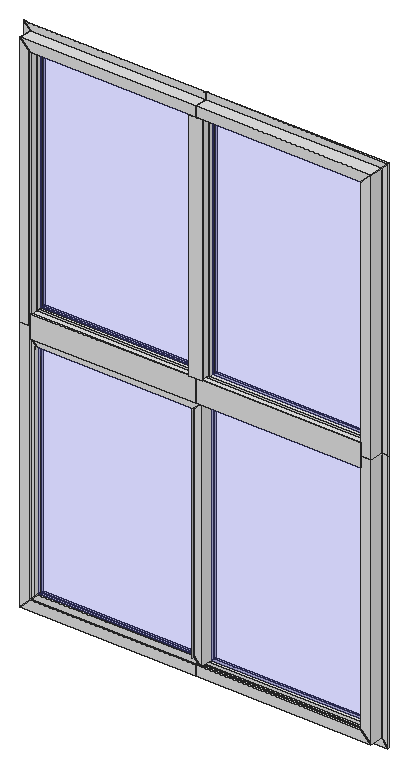
Revit family "531_OX-UT_stucco", category Windows, host Wall, Revit 2016
Family settings
  Host = Wall
  OmniClass Number = 23.30.20.00
  OmniClass Title = Windows
  Always vertical = Yes
  Cut with Voids When Loaded = No
  Shared = No
  Room Calculation Point = No
Parameters (values of type "66x96")
  VBS = 33"
  MLW3 = VBS - 3"  # 30"
  MLW2 = 1 / 8 * (Width - VBS)  # 4 1/8"
  MLW = 1 / 8 * VBS  # 4 1/8"
  Interior Color [instance] = White
  Height = 96"
  HBS = 1 / 2 * Height  # 48"
  Exterior Color [instance] = White
  Default Sill Height = 31.49606"
  Wall Closure = By host
  Width = 66"
Reference planes (in)
  plane 1 "Center (Front/Back)": y = 0
  plane 2 "Center (Left/Right)": x = 0
  plane 3 "Left": x = -33
  plane 4 "Right": x = 33
  plane 5 "Sill": z = 31.49606
  plane 6 "Head": z = 127.49606
  plane 7 "Exterior": y = 3.93701
  plane 8 "Interior": y = -3.93701
  plane 9 "Front of wall": y = 3.93701
  plane 10 "HBS": z = 79.49606
  plane 11 "VBS": x = 0
  plane 12: x = 30.4765
  plane 13: x = -0.5
  plane 14: x = -31.6
  plane 15: x = 31.60086
  plane 16: x = 0.7501
  plane 17: z = 77.88606
  plane 18: z = 81.10606
  plane 19: z = 126.09682
  plane 20: z = 32.89606
  plane 21: z = 76.76406
  plane 22: z = 34.06206
  plane 23 "Front of glass": y = 4.58851
  plane 24: x = 0.88558
Forms (in)
  Extrusion 1, solid, material "White" <- "Interior Color"
    sketch origin (0, 0, 79.49606) x (1, 0, 0) y (0, 1, 0)
      loop
        line (-33, 1.50201) -> (-31.1, 1.50201) -> (-31.1, 1.70201) -> (-31.4451, 1.70201) -> (-31.4451, 3.20201) -> (-31.1001, 3.20201) -> (-31.1001, 3.81451) -> (-31.6001, 3.81451) -> (-31.6001, 4.55851) -> (-31.13685, 4.55851) -> (-31.1621, 4.59801) -> (-31.1621, 4.96191) -> (-31.725, 4.96191) -> (-31.725, 5.00201) -> (-33.2, 5.00201) -> (-33.2, 4.93701) -> (-33, 4.93701) -> (-33, 4.00201) -> (-34.25, 4.00201) -> (-34.25, 3.93701) -> (-33, 3.93701) -> (-33, 1.50201)
    from 0 to 49.25
  Extrusion 2, solid, material "White" <- "Interior Color"
    sketch origin (0, 0, 79.49606) x (1, 0, 0) y (0, 1, 0)
      loop
        line (-1.2501, 1.50201) -> (1.2501, 1.50201) -> (1.2501, 1.70201) -> (0.9051, 1.70201) -> (0.9051, 3.20201) -> (1.2501, 3.20201) -> (1.2501, 3.81451) -> (0.7501, 3.81451) -> (0.7501, 4.55851) -> (1.21336, 4.55851) -> (1.1881, 4.59801) -> (1.1881, 4.96191) -> (0.6251, 4.96191) -> (0.6251, 5.00201) -> (-0.6251, 5.00201) -> (-0.6251, 4.96191) -> (-1.1881, 4.96191) -> (-1.1881, 4.59801) -> (-1.21336, 4.55851) -> (-0.7501, 4.55851) -> (-0.7501, 3.81451) -> (-1.2501, 3.81451) -> (-1.2501, 3.20201) -> (-0.9051, 3.20201) -> (-0.9051, 1.70201) -> (-1.2501, 1.70201) -> (-1.2501, 1.50201)
    from 0 to 48
  Extrusion 3, solid, material "White" <- "Interior Color"
    sketch origin (0, 0, 79.49606) x (1, 0, 0) y (0, 1, 0)
      loop
        line (33, 1.50201) -> (33, 3.93701) -> (34.25, 3.93701) -> (34.25, 4.00201) -> (33, 4.00201) -> (33, 4.93701) -> (33.2, 4.93701) -> (33.2, 5.00201) -> (31.725, 5.00201) -> (31.725, 4.96191) -> (31.1621, 4.96191) -> (31.1621, 4.59801) -> (31.13685, 4.55851) -> (31.60086, 4.55851) -> (31.60086, 3.81451) -> (31.1001, 3.81451) -> (31.1001, 3.20201) -> (31.4451, 3.20201) -> (31.4451, 1.70201) -> (31.1, 1.70201) -> (31.1, 1.50201) -> (33, 1.50201)
    from 0 to 49.25
  Extrusion 4, solid, material "White" <- "Interior Color"
    sketch origin (0, 0, 0) x (0, 0, 1) y (0, 1, 0)
      loop
        line (32.81212, 4.99191) -> (32.77445, 5.00201) -> (31.29606, 5.00201) -> (31.29606, 4.93701) -> (31.49606, 4.93701) -> (31.49606, 4.00201) -> (30.24606, 4.00201) -> (30.24606, 3.93701) -> (31.49606, 3.93701) -> (31.49606, 1.50201) -> (33.39606, 1.50201) -> (33.39606, 1.70201) -> (33.02406, 1.70201) -> (33.02406, 2.61032) -> (32.89606, 2.61032) -> (32.89606, 3.20201) -> (33.39606, 3.20201) -> (33.39606, 3.84451) -> (32.89606, 3.84451) -> (32.89606, 4.58851) -> (33.35932, 4.58851) -> (33.33406, 4.62801) -> (33.33406, 4.99191) -> (32.81212, 4.99191)
    from -34.25 to 0
  Extrusion 5, solid, material "White" <- "Interior Color"
    sketch origin (0, 0, 0) x (0, 0, 1) y (0, 1, 0)
      loop
        line (127.49606, 1.50201) -> (127.49606, 3.93701) -> (128.74606, 3.93701) -> (128.74606, 4.00201) -> (127.49606, 4.00201) -> (127.49606, 4.93701) -> (127.69606, 4.93701) -> (127.69606, 5.00201) -> (126.22106, 5.00201) -> (126.22106, 4.95973) -> (125.65806, 4.95973) -> (125.65806, 4.59801) -> (125.63281, 4.55851) -> (126.09606, 4.55851) -> (126.09606, 3.81451) -> (125.59606, 3.81451) -> (125.59606, 3.20201) -> (125.94106, 3.20201) -> (125.94106, 1.70201) -> (125.59606, 1.70201) -> (125.59606, 1.50201) -> (127.49606, 1.50201)
    from 34.25 to 0
  Extrusion 6, solid, material "White" <- "Interior Color"
    sketch origin (0, 0, 0) x (0, 0, 1) y (0, 1, 0)
      loop
        line (77.96915, 4.99191) -> (77.44806, 4.99191) -> (77.44806, 4.62801) -> (77.42281, 4.58851) -> (77.88606, 4.58851) -> (77.88606, 3.84451) -> (77.38606, 3.84451) -> (77.38606, 3.20201) -> (78.22973, 3.20201) -> (78.22973, 1.70201) -> (77.38606, 1.70201) -> (77.38606, 1.50201) -> (81.60606, 1.50201) -> (81.60606, 1.70201) -> (81.26098, 1.70201) -> (81.26098, 3.20201) -> (81.60606, 3.20201) -> (81.60606, 3.81451) -> (81.10606, 3.81451) -> (81.10606, 4.55851) -> (81.56932, 4.55851) -> (81.54406, 4.59801) -> (81.54406, 4.96191) -> (80.98106, 4.96191) -> (80.98106, 5.00201) -> (78.01106, 5.00201) -> (77.96915, 4.99191)
    from -33 to 0
  Extrusion 7, solid, material "White" <- "Interior Color"
    sketch origin (0, 0, 0) x (0, 0, 1) y (0, 1, 0)
      loop
        line (31.49606, 1.50201) -> (33.39606, 1.50201) -> (33.39606, 1.70201) -> (34.56206, 1.70201) -> (34.56206, 1.94451) -> (34.06206, 1.94451) -> (34.06206, 2.06651) -> (34.56206, 2.06651) -> (34.56206, 2.56651) -> (34.06206, 2.56651) -> (34.06206, 2.68851) -> (34.52532, 2.68851) -> (34.50006, 2.72801) -> (34.50006, 3.10201) -> (33.39606, 3.10201) -> (33.39606, 3.75201) -> (32.64606, 3.75201) -> (32.64606, 4.25201) -> (32.77106, 4.25201) -> (32.77106, 5.00201) -> (31.29606, 5.00201) -> (31.29606, 4.93701) -> (31.49606, 4.93701) -> (31.49606, 4.00201) -> (30.24606, 4.00201) -> (30.24606, 3.93701) -> (31.49606, 3.93701) -> (31.49606, 1.50201)
    from -0.88558 to 34.25
  Extrusion 8, solid, material "White" <- "Interior Color"
    sketch origin (0, 0, 0) x (0, 0, 1) y (0, 1, 0)
      loop
        line (127.49606, 1.50201) -> (127.49606, 3.93701) -> (128.74607, 3.93701) -> (128.74607, 4.00201) -> (127.49606, 4.00201) -> (127.49606, 4.93701) -> (127.69606, 4.93701) -> (127.69606, 5.00201) -> (126.22106, 5.00201) -> (126.22106, 4.96191) -> (125.65803, 4.96191) -> (125.65803, 4.59801) -> (125.63281, 4.55851) -> (126.09606, 4.55851) -> (126.09606, 4.43651) -> (125.59606, 4.43651) -> (125.59606, 3.93651) -> (126.09606, 3.93651) -> (126.09606, 3.81451) -> (125.59606, 3.81451) -> (125.59606, 3.20201) -> (125.94106, 3.20201) -> (125.94106, 1.70201) -> (125.59491, 1.70201) -> (125.59491, 1.50201) -> (127.49606, 1.50201)
    from 0 to -34.25
  Extrusion 9, solid, material "White" <- "Interior Color"
    sketch origin (0, 0, 0) x (0, 0, 1) y (0, 1, 0)
      loop
        line (76.88906, 3.10201) -> (76.85139, 3.09191) -> (76.32606, 3.09191) -> (76.32606, 2.72801) -> (76.30081, 2.68851) -> (76.76406, 2.68851) -> (76.76406, 2.56651) -> (76.26406, 2.56651) -> (76.26406, 2.06651) -> (76.76406, 2.06651) -> (76.76406, 1.94451) -> (76.26406, 1.94451) -> (76.26406, 1.70201) -> (77.38606, 1.70201) -> (77.38606, 1.50201) -> (81.60606, 1.50201) -> (81.60606, 1.70201) -> (81.26107, 1.70201) -> (81.26107, 3.20201) -> (81.60606, 3.20201) -> (81.60606, 3.81451) -> (81.10606, 3.81451) -> (81.10606, 3.93701) -> (81.60606, 3.93701) -> (81.60606, 4.43651) -> (81.10606, 4.43651) -> (81.10606, 4.55851) -> (81.56932, 4.55851) -> (81.54406, 4.59801) -> (81.54406, 4.96191) -> (80.98106, 4.95973) -> (80.98106, 5.00201) -> (78.01106, 5.00201) -> (78.01106, 4.25201) -> (78.13606, 4.25201) -> (78.13606, 3.75201) -> (77.38606, 3.75201) -> (77.38606, 3.10201) -> (76.88906, 3.10201)
    from -0.88558 to 33
  Extrusion 10, solid, material "White" <- "Interior Color"
    sketch origin (0, 0, 31.49606) x (0, -1, 0) y (1, 0, 0)
      loop
        line (-5.00201, 0.375) -> (-5.00201, -0.625) -> (-4.38201, -0.625) -> (-4.38201, -1.04) -> (-4.28201, -1.04) -> (-4.28201, -0.625) -> (-3.78201, -0.625) -> (-3.78201, -1.04) -> (-3.68201, -1.04) -> (-3.68201, -0.625) -> (-3.23201, -0.625) -> (-3.23201, -0.438) -> (-2.72801, -0.438) -> (-2.68851, -0.46326) -> (-2.68851, 0) -> (-1.94451, 0) -> (-1.94451, -0.5) -> (-1.26451, -0.5)
        arc (-1.26451, -0.5) -> (-1.21851, -0.39519) -> (-1.32755, -0.43) r 0.06279
        line (-1.32755, -0.43) -> (-1.70201, -0.43) -> (-1.70201, 1) -> (-3.84451, 1) -> (-3.84451, 0.7501) -> (-4.58851, 0.7501) -> (-4.58851, 0.96326) -> (-4.62801, 0.938) -> (-4.99191, 0.938) -> (-4.99191, 0.41474) -> (-5.00201, 0.375)
    from 0 to 48
  Sweep 11, void
    path in 3D
      loop
        line (31.80662, 8.3967, 127.49606) -> (31.80662, 3.93701, 127.49606)
    profile origin (31.80662, 6.16685, 127.49606) x (1, 0, 0) y (0, 0, 1)
      loop
        line (3.1893, 1.99592) -> (-1.79926, -2.99264) -> (3.45074, -2.99264) -> (3.1893, 1.99592)
  Sweep 12, void
    path in 3D
      loop
        line (31.80662, 8.3967, 127.49606) -> (31.80662, 3.93701, 127.49606)
    profile origin (31.80662, 6.16685, 127.49606) x (1, 0, 0) y (0, 0, 1)
      loop
        line (3.09719, 1.90381) -> (-2.15281, 1.90381) -> (-2.15281, -3.34619) -> (3.09719, 1.90381)
  Sweep 13, void
    path in 3D
      loop
        line (1.39508, 8.6167, 127.49606) -> (1.39508, 3.93701, 127.49606)
    profile origin (1.39508, 6.27686, 127.49606) x (1, 0, 0) y (0, 0, 1)
      loop
        line (0.0647, -2.10967) -> (-0.76997, -1.275) -> (-2.02018, -1.275) -> (-2.85485, -2.10967) -> (0.0647, -2.10967)
  Sweep 14, void
    path in 3D
      loop
        line (1.39508, 8.6167, 127.49606) -> (1.39508, 3.93701, 127.49606)
    profile origin (1.39508, 6.27686, 127.49606) x (1, 0, 0) y (0, 0, 1)
      loop
        line (0.233, -2.27797) -> (0.233, 1.6256) -> (-3.517, 1.6256) -> (-3.517, -2.77182) -> (-2.02018, -1.275) -> (-0.76997, -1.275) -> (0.233, -2.27797)
  Sweep 15, void
    path in 3D
      loop
        line (-31.76975, 9.89862, 127.49606) -> (-31.76975, 3.93701, 127.49606)
    profile origin (-31.76975, 6.91781, 127.49606) x (1, 0, 0) y (0, 0, 1)
      loop
        line (-3.09116, 1.86091) -> (-3.09116, -2.63909) -> (1.40884, -2.63909) -> (-3.09116, 1.86091)
  Sweep 16, void
    path in 3D
      loop
        line (-31.76975, 9.89862, 127.49606) -> (-31.76975, 3.93701, 127.49606)
    profile origin (-31.76975, 6.91781, 127.49606) x (1, 0, 0) y (0, 0, 1)
      loop
        line (-2.87149, 1.64124) -> (0.87851, -2.10876) -> (0.87851, 1.64124) -> (-2.87149, 1.64124)
  Sweep 17, void
    path in 3D
      loop
        line (-30.76975, 9.89862, 79.49606) -> (-30.76975, 3.93701, 79.49606)
    profile origin (-30.76975, 6.91781, 79.49606) x (1, 0, 0) y (0, 0, 1)
      loop
        line (-0.97025, 1.47) -> (-0.97025, -1.47) -> (0.17795, -2.6182) -> (0.17795, 2.6182) -> (-0.97025, 1.47)
  Sweep 18, void
    path in 3D
      loop
        line (-30.76975, 9.89862, 79.49606) -> (-30.76975, 3.93701, 79.49606)
    profile origin (-30.76975, 6.91781, 79.49606) x (1, 0, 0) y (0, 0, 1)
      loop
        line (0.21676, 2.65701) -> (-3.86226, 2.65701) -> (-3.86226, -2.34299) -> (-0.09726, -2.34299) -> (-0.97025, -1.47) -> (-0.97025, 1.47) -> (0.21676, 2.65701)
  Sweep 19, void
    path in 3D
      loop
        line (-29.51975, 9.89862, 31.49606) -> (-29.51975, 3.93701, 31.49606)
    profile origin (-29.51975, 6.91781, 31.49606) x (1, 0, 0) y (0, 0, 1)
      loop
        line (-5.48761, -2.00736) -> (0.44141, -2.00736) -> (0.44141, 3.92166) -> (-5.48761, -2.00736)
  Sweep 20, void
    path in 3D
      loop
        line (-29.51975, 9.89862, 31.49606) -> (-29.51975, 3.93701, 31.49606)
    profile origin (-29.51975, 6.91781, 31.49606) x (1, 0, 0) y (0, 0, 1)
      loop
        line (-5.29156, -1.81131) -> (0.01975, 3.5) -> (-5.29156, 3.5) -> (-5.29156, -1.81131)
  Sweep 21, void
    path in 3D
      loop
        line (0.75, 8.6167, 31.49606) -> (0.75, 3.93701, 31.49606)
    profile origin (0.75, 6.27686, 31.49606) x (1, 0, 0) y (0, 0, 1)
      loop
        line (1.01221, 2.66221) -> (-0.375, 1.275) -> (-1.875, 1.275) -> (-1.875, -1.975) -> (1.01221, -1.975) -> (1.01221, 2.66221)
  Sweep 22, void
    path in 3D
      loop
        line (0.75, 8.6167, 31.49606) -> (0.75, 3.93701, 31.49606)
    profile origin (0.75, 6.27686, 31.49606) x (1, 0, 0) y (0, 0, 1)
      loop
        line (-0.375, 1.275) -> (0.875, 2.525) -> (-0.75, 2.525) -> (-0.75, 1.275) -> (-0.375, 1.275)
  Extrusion 23, void
    sketch origin (0, 3.93701, 0) x (1, 0, 0) y (0, 0, 1)
      loop
        line (-1.084, 35.14606) -> (0.666, 33.39606) -> (0, 33.39606) -> (0, 30.64606) -> (1.75, 30.64606) -> (1.75, 35.14606) -> (-1.084, 35.14606)
    from 0 to 12
  Extrusion 24, void
    sketch origin (0, 3.93701, 0) x (1, 0, 0) y (0, 0, 1)
      loop
        line (-0.5, 34.56206) -> (-1.20391, 34.56206) -> (-1.20391, 30.89606) -> (1.54609, 30.89606) -> (1.54609, 33.39606) -> (0.666, 33.39606) -> (-0.5, 34.56206)
    from 0 to 12
  Extrusion 25, void
    sketch origin (0, 3.93701, 0) x (1, 0, 0) y (0, 0, 1)
      loop
        line (-1.13885, 75.62522) -> (1.5, 75.62522) -> (1.5, 82.38587) -> (0, 82.38587) -> (0, 77.38606) -> (0.622, 77.38606) -> (-1.13885, 75.62522)
    from 0 to 12
  Extrusion 26, void
    sketch origin (0, 3.93701, 0) x (1, 0, 0) y (0, 0, 1)
      loop
        line (-0.5, 76.26406) -> (0.622, 77.38606) -> (1.372, 77.38606) -> (1.372, 81.60606) -> (-2.27278, 81.60606) -> (-2.27278, 76.26406) -> (-0.5, 76.26406)
    from 0 to 12
  Extrusion 27, void
    sketch origin (1.63302, 3.93701, 0) x (1, 0, 0) y (0, 0, 1)
      loop
        line (29.46698, 83.13856) -> (29.46698, 74.63856) -> (34.85, 74.63856) -> (34.85, 83.13856) -> (29.46698, 83.13856)
    from 0 to 12
  Extrusion 28, void
    sketch origin (0, 3.93701, 0) x (1, 0, 0) y (0, 0, 1)
      loop
        line (34.40381, 30.09226) -> (28.40381, 36.09226) -> (28.40381, 30.09226) -> (34.40381, 30.09226)
    from 0 to 12
  Extrusion 29, void
    sketch origin (0, 3.93701, 0) x (1, 0, 0) y (0, 0, 1)
      loop
        line (34.93497, 29.56109) -> (34.93497, 35.7387) -> (28.75736, 35.7387) -> (34.93497, 29.56109)
    from 0 to 12
  Sweep 30, void
    path in 3D
      loop
        line (-0.5, 8.6167, 79.49606) -> (-0.5, 3.93701, 79.49606)
    profile origin (-0.5, 6.27686, 79.49606) x (1, 0, 0) y (0, 0, 1)
      loop
        line (-1.00899, 2.36888) -> (-0.1251, 1.485) -> (1.1251, 1.485) -> (2.00899, 2.36888) -> (-1.00899, 2.36888)
  Sweep 31, void
    path in 3D
      loop
        line (-0.5, 8.6167, 79.49606) -> (-0.5, 3.93701, 79.49606)
    profile origin (-0.5, 6.27686, 79.49606) x (1, 0, 0) y (0, 0, 1)
      loop
        line (-1.49364, 2.85354) -> (-1.49364, -1.485) -> (0.875, -1.485) -> (2.06847, -2.67847) -> (2.06847, 2.42836) -> (1.1251, 1.485) -> (-0.1251, 1.485) -> (-1.49364, 2.85354)
  Sweep 32, void
    path in 3D
      loop
        line (-0.5, 8.6167, 79.49606) -> (-0.5, 3.93701, 79.49606)
    profile origin (-0.5, 6.27686, 79.49606) x (1, 0, 0) y (0, 0, 1)
      loop
        line (1.655, -2.265) -> (0.875, -1.485) -> (0.5, -1.485) -> (0.5, -2.265) -> (1.655, -2.265)
  Sweep 33, void
    path in 3D
      loop
        line (-0.5, 8.6167, 79.49606) -> (-0.5, 3.93701, 79.49606)
    profile origin (-0.5, 6.27686, 79.49606) x (1, 0, 0) y (0, 0, 1)
      loop
        line (0.5, 1.485) -> (0.5, -1.485) -> (1.38558, -1.485) -> (1.38558, 1.485) -> (0.5, 1.485)
  Sweep 34, void
    path in 3D
      loop
        line (32.5, 8.3967, 79.49606) -> (32.5, 3.93701, 79.49606)
    profile origin (32.5, 6.16685, 79.49606) x (1, 0, 0) y (0, 0, 1)
      loop
        line (-2.81257, 3.52257) -> (-2.81257, -3.52257) -> (-0.775, -1.485) -> (-0.775, 1.485) -> (-2.81257, 3.52257)
  Sweep 35, void
    path in 3D
      loop
        line (32.5, 8.3967, 79.49606) -> (32.5, 3.93701, 79.49606)
    profile origin (32.5, 6.16685, 79.49606) x (1, 0, 0) y (0, 0, 1)
      loop
        line (-2.025, 2.735) -> (-0.775, 1.485) -> (-0.775, -1.485) -> (-1.90464, -2.61464) -> (-1.90464, -3.765) -> (2.475, -3.765) -> (2.475, 2.735) -> (-2.025, 2.735)
  Sweep 36, void
    path in 3D
      loop
        line (33.75, 8.3967, 31.49606) -> (33.75, 3.93701, 31.49606)
    profile origin (33.75, 6.16685, 31.49606) x (1, 0, 0) y (0, 0, 1)
      loop
        line (-3.26091, 2.51091) -> (-3.26091, -1.98909) -> (1.23909, -1.98909) -> (-3.26091, 2.51091)
  Sweep 37, void
    path in 3D
      loop
        line (33.75, 8.3967, 31.49606) -> (33.75, 3.93701, 31.49606)
    profile origin (33.75, 6.16685, 31.49606) x (1, 0, 0) y (0, 0, 1)
      loop
        line (-3.44653, 2.69653) -> (1.18497, -1.93497) -> (1.18497, 2.69653) -> (-3.44653, 2.69653)
  Sweep 38, void
    path in 3D
      loop
        line (0.75, 8.6167, 31.49606) -> (0.75, 3.93701, 31.49606)
    profile origin (0.75, 6.27686, 31.49606) x (1, 0, 0) y (0, 0, 1)
      loop
        line (0.3106, 1.27839) -> (-0.75, 1.27839) -> (-0.75, -1.95854) -> (0.3106, -1.95854) -> (0.3106, 1.27839)
  Extrusion 39, void
    sketch origin (0, 3.93701, 0) x (1, 0, 0) y (0, 0, 1)
      loop
        line (-29.24016, 35.25591) -> (-35.00736, 29.4887) -> (-29.24016, 29.4887) -> (-29.24016, 35.25591)
    from 0 to 12
  Extrusion 40, void
    sketch origin (0, 3.93701, 0) x (1, 0, 0) y (0, 0, 1)
      loop
        line (-29, 35.49606) -> (-34.63553, 35.49606) -> (-34.63553, 29.86053) -> (-29, 35.49606)
    from 0 to 12
  Extrusion 41, void
    sketch origin (-1.56787, 3.93701, 0) x (1, 0, 0) y (0, 0, 1)
      loop
        line (-29.53213, 83.34097) -> (-39.74016, 83.34097) -> (-39.74016, 75.84097) -> (-27.98703, 75.84097) -> (-29.53213, 77.38606) -> (-29.53213, 83.34097)
    from 0 to 12
  Extrusion 42, void
    sketch origin (0, 3.93701, 0) x (1, 0, 0) y (0, 0, 1)
      loop
        line (-30.07487, 124.57094) -> (-34.86091, 129.35698) -> (-34.86091, 124.57094) -> (-30.07487, 124.57094)
    from 0 to 12
  Extrusion 43, void
    sketch origin (0, 3.93701, 0) x (1, 0, 0) y (0, 0, 1)
      loop
        line (-30.25165, 124.74771) -> (-30.25165, 129.32485) -> (-34.82878, 129.32485) -> (-30.25165, 124.74771)
    from 0 to 12
  Extrusion 44, void
    sketch origin (0, 3.93701, 0) x (1, 0, 0) y (0, 0, 1)
      loop
        line (-2.31775, 125.59606) -> (2.93225, 125.59606) -> (2.93225, 129.34606) -> (-2.31775, 129.34606) -> (-2.31775, 125.59606)
    from 0 to 12
  Extrusion 45, void
    sketch origin (0, 3.93701, 0) x (1, 0, 0) y (0, 0, 1)
      loop
        line (29.67843, 124.17334) -> (34.80845, 124.17334) -> (34.80845, 129.30337) -> (29.67843, 124.17334)
    from 0 to 12
  Extrusion 46, void
    sketch origin (0, 3.93701, 0) x (1, 0, 0) y (0, 0, 1)
      loop
        line (34.90496, 129.39987) -> (30.52513, 129.39987) -> (30.52513, 125.02004) -> (34.90496, 129.39987)
    from 0 to 12
  Extrusion 47, solid, material "Glass"
    sketch origin (0, 0, 79.49606) x (1, 0, 0) y (0, 1, 0)
      loop
        line (-31.6, 3.81451) -> (-0.5, 3.81451) -> (-0.5, 4.55851) -> (-31.6, 4.55851) -> (-31.6, 3.81451)
    from 1.61 to 46.60076
  Extrusion 48, solid, material "Glass"
    sketch origin (0, 0, 79.49606) x (1, 0, 0) y (0, 1, 0)
      loop
        line (0.7501, 3.81451) -> (31.60086, 3.81451) -> (31.60086, 4.55851) -> (0.7501, 4.55851) -> (0.7501, 3.81451)
    from 1.61 to 46.60076
  Extrusion 49, solid, material "Glass"
    sketch origin (1.63302, 0, 31.49606) x (0, -1, 0) y (1, 0, 0)
      loop
        line (-3.84451, 29.96784) -> (-4.58851, 29.96784) -> (-4.58851, -0.88292) -> (-3.84451, -0.88292) -> (-3.84451, 29.96784)
    from 1.4 to 46.39
  Extrusion 50, solid, material "Glass"
    sketch origin (-1.56787, 0, 31.49606) x (0, -1, 0) y (1, 0, 0)
      loop
        line (-2.68851, 1.56787) -> (-2.68851, -30.03213) -> (-1.94451, -30.03213) -> (-1.94451, 1.56787) -> (-2.68851, 1.56787)
    from 45.268 to 2.566
  Extrusion 51, solid, material "White" <- "Interior Color"
    sketch origin (0, 0, 31.49606) x (0, -1, 0) y (1, 0, 0)
      loop
        line (-1.50201, 33) -> (-3.93701, 33) -> (-3.93701, 34.25) -> (-4.00201, 34.25) -> (-4.00201, 33) -> (-4.93701, 33) -> (-4.93701, 33.2) -> (-5.00201, 33.2) -> (-5.00201, 31.74) -> (-4.99191, 31.69787) -> (-4.99191, 31.1625) -> (-4.62801, 31.1625) -> (-4.58851, 31.13724) -> (-4.58851, 31.60086) -> (-3.84451, 31.60086) -> (-3.84451, 31.1005) -> (-3.20201, 31.1005) -> (-3.20201, 31.975) -> (-1.70201, 31.975) -> (-1.70201, 31.1) -> (-1.50201, 31.1) -> (-1.50201, 33)
    from -1.25 to 48
  Extrusion 52, solid, material "White" <- "Interior Color"
    sketch origin (0, 0, 31.49606) x (0, 1, 0) y (-1, 0, 0)
      loop
        line (1.50201, 33) -> (1.50201, 31.1) -> (1.70201, 31.1) -> (1.70201, 30.0455) -> (1.32656, 30.0455)
        arc (1.32656, 30.0455) -> (1.21774, 30.07946) -> (1.26451, 29.9755) r 0.0625
        line (1.26451, 29.9755) -> (1.94451, 29.9755) -> (1.94451, 31.6) -> (2.68851, 31.6) -> (2.68851, 30.01224) -> (2.72801, 30.0375) -> (3.09191, 30.0375) -> (3.09191, 30.57287) -> (3.10201, 30.6155) -> (3.10201, 31.1) -> (3.19157, 31.1) -> (3.75201, 31.1) -> (3.75201, 31.85) -> (4.25201, 31.85) -> (4.25201, 31.725) -> (5.00201, 31.725) -> (5.00201, 33.2) -> (4.93701, 33.2) -> (4.93701, 33) -> (4.00201, 33) -> (4.00201, 34.25) -> (3.93701, 34.25) -> (3.93701, 33) -> (1.50201, 33)
    from -1.25 to 48
  Extrusion 53, void
    sketch origin (0, 3.93701, 0) x (1, 0, 0) y (0, 0, 1)
      loop
        line (-31.1, 77.38606) -> (-28.8019, 75.08797) -> (-28.8019, 81.60606) -> (-31.1, 81.60606) -> (-31.1, 77.38606)
    from 0 to 12
Cuts and joins
  Sweep 12, Sweep 34, Extrusion 46 cuts Extrusion 3
  Sweep 11, Sweep 13, Extrusion 45 cuts Extrusion 8
  Sweep 13, Sweep 15, Extrusion 42 cuts Extrusion 5
  Sweep 14, Extrusion 26, Sweep 31, Sweep 32, Sweep 33, Extrusion 44 cuts Extrusion 2
  Sweep 16, Sweep 17, Extrusion 43, Extrusion 53 cuts Extrusion 1
  Sweep 18, Extrusion 27, Sweep 30, Sweep 32, Sweep 35, Extrusion 41 cuts Extrusion 6
  Sweep 20, Sweep 22, Extrusion 29, Sweep 37, Extrusion 40 cuts Extrusion 4
  Sweep 21, Extrusion 24, Extrusion 26, Sweep 31, Sweep 33, Sweep 38 cuts Extrusion 10
  Sweep 20, Extrusion 23, Extrusion 29, Sweep 37, Sweep 38, Extrusion 40 cuts Extrusion 7
  Sweep 18, Extrusion 25, Extrusion 27, Sweep 30, Sweep 33, Sweep 35, Extrusion 41 cuts Extrusion 9
  Sweep 19, Extrusion 39, Extrusion 53 cuts Extrusion 52
  Extrusion 28, Sweep 34, Sweep 36 cuts Extrusion 51
Lines and regions (in)
  Opening 1
    outline origin (137.79528, -3.93701, 0) x (1, 0, 0) y (0, 0, 1)
      loop
        line (-104.79528, 31.49606) -> (-104.79528, 127.49606) -> (-170.79528, 127.49606) -> (-170.79528, 31.49606) -> (-104.79528, 31.49606)
  reference lines
    curve 1: line (-31.76975, 9.89862, 127.49606) -> (-31.76975, 3.93701, 127.49606)
    curve 2: line (-30.76975, 9.89862, 79.49606) -> (-30.76975, 3.93701, 79.49606)
    curve 3: line (-29.51975, 9.89862, 31.49606) -> (-29.51975, 3.93701, 31.49606)
    curve 4: line (1.39508, 8.6167, 127.49606) -> (1.39508, 3.93701, 127.49606)
    curve 5: line (-0.5, 8.6167, 79.49606) -> (-0.5, 3.93701, 79.49606)
    curve 6: line (0.75, 8.6167, 31.49606) -> (0.75, 3.93701, 31.49606)
    curve 7: line (31.80662, 8.3967, 127.49606) -> (31.80662, 3.93701, 127.49606)
    curve 8: line (32.5, 8.3967, 79.49606) -> (32.5, 3.93701, 79.49606)
    curve 9: line (33.75, 8.3967, 31.49606) -> (33.75, 3.93701, 31.49606)
    curve 31: line (-14, 4.93055, 105.99606) -> (-19, 4.93055, 105.99606)
    curve 32: line (-14, 4.93055, 100.99606) -> (-14, 4.93055, 105.99606)
    curve 33: line (-19, 4.93055, 100.99606) -> (-14, 4.93055, 100.99606)
    curve 34: line (-19, 4.93055, 105.99606) -> (-19, 4.93055, 100.99606)
    curve 38: line (-16.5, 4.93055, 100.99606) -> (-16.5, 4.93055, 107.49606)
    curve 39: line (-14, 4.93055, 103.49606) -> (-21.5, 4.93055, 103.49606)
    curve 40: line (-14, 0, 105.99606) -> (-19, 0, 105.99606)
    curve 41: line (-14, 0, 100.99606) -> (-14, 0, 105.99606)
    curve 42: line (-19, 0, 100.99606) -> (-14, 0, 100.99606)
    curve 43: line (-19, 0, 105.99606) -> (-19, 0, 100.99606)
    curve 44: line (-16.5, 0, 100.99606) -> (-16.5, 0, 108.49606)
    curve 45: line (-14, 0, 103.49606) -> (-21, 0, 103.49606)
    curve 55: line (19, 4.93055, 105.99606) -> (14, 4.93055, 105.99606)
    curve 56: line (19, 4.93055, 100.99606) -> (19, 4.93055, 105.99606)
    curve 57: line (14, 4.93055, 100.99606) -> (19, 4.93055, 100.99606)
    curve 58: line (14, 4.93055, 105.99606) -> (14, 4.93055, 100.99606)
    curve 62: line (16.5, 4.93055, 100.99606) -> (16.5, 4.93055, 107.49606)
    curve 63: line (19, 4.93055, 103.49606) -> (1.63992, 4.93055, 103.49606)
    curve 64: line (19, 0, 105.99606) -> (14, 0, 105.99606)
    curve 65: line (19, 0, 100.99606) -> (19, 0, 105.99606)
    curve 66: line (14, 0, 100.99606) -> (19, 0, 100.99606)
    curve 67: line (14, 0, 105.99606) -> (14, 0, 100.99606)
    curve 68: line (16.5, 0, 100.99606) -> (16.5, 0, 108.49606)
    curve 69: line (19, 0, 103.49606) -> (12, 0, 103.49606)
    curve 73: line (19, 4.93055, 57.99606) -> (14, 4.93055, 57.99606)
    curve 74: line (19, 4.93055, 52.99606) -> (19, 4.93055, 57.99606)
    curve 75: line (14, 4.93055, 52.99606) -> (19, 4.93055, 52.99606)
    curve 76: line (14, 4.93055, 57.99606) -> (14, 4.93055, 52.99606)
    curve 80: line (16.5, 4.93055, 52.99606) -> (16.5, 4.93055, 59.49606)
    curve 81: line (19, 4.93055, 55.49606) -> (11.5, 4.93055, 55.49606)
    curve 82: line (19, 0, 57.99606) -> (14, 0, 57.99606)
    curve 83: line (19, 0, 52.99606) -> (19, 0, 57.99606)
    curve 84: line (14, 0, 52.99606) -> (19, 0, 52.99606)
    curve 85: line (14, 0, 57.99606) -> (14, 0, 52.99606)
    curve 86: line (16.5, 0, 52.99606) -> (16.5, 0, 60.49606)
    curve 87: line (19, 0, 55.49606) -> (12, 0, 55.49606)
  sketch lines
    curve 10: line (31.80662, 8.3967, 127.49606) -> (31.80662, 3.93701, 127.49606)
    curve 11: line (31.80662, 8.3967, 127.49606) -> (31.80662, 3.93701, 127.49606)
    curve 12: line (1.39508, 8.6167, 127.49606) -> (1.39508, 3.93701, 127.49606)
    curve 13: line (1.39508, 8.6167, 127.49606) -> (1.39508, 3.93701, 127.49606)
    curve 14: line (-31.76975, 9.89862, 127.49606) -> (-31.76975, 3.93701, 127.49606)
    curve 15: line (-31.76975, 9.89862, 127.49606) -> (-31.76975, 3.93701, 127.49606)
    curve 16: line (-30.76975, 9.89862, 79.49606) -> (-30.76975, 3.93701, 79.49606)
    curve 17: line (-30.76975, 9.89862, 79.49606) -> (-30.76975, 3.93701, 79.49606)
    curve 18: line (-29.51975, 9.89862, 31.49606) -> (-29.51975, 3.93701, 31.49606)
    curve 19: line (-29.51975, 9.89862, 31.49606) -> (-29.51975, 3.93701, 31.49606)
    curve 20: line (0.75, 8.6167, 31.49606) -> (0.75, 3.93701, 31.49606)
    curve 21: line (0.75, 8.6167, 31.49606) -> (0.75, 3.93701, 31.49606)
    curve 22: line (-0.5, 8.6167, 79.49606) -> (-0.5, 3.93701, 79.49606)
    curve 23: line (-0.5, 8.6167, 79.49606) -> (-0.5, 3.93701, 79.49606)
    curve 24: line (-0.5, 8.6167, 79.49606) -> (-0.5, 3.93701, 79.49606)
    curve 25: line (-0.5, 8.6167, 79.49606) -> (-0.5, 3.93701, 79.49606)
    curve 26: line (32.5, 8.3967, 79.49606) -> (32.5, 3.93701, 79.49606)
    curve 27: line (32.5, 8.3967, 79.49606) -> (32.5, 3.93701, 79.49606)
    curve 28: line (33.75, 8.3967, 31.49606) -> (33.75, 3.93701, 31.49606)
    curve 29: line (33.75, 8.3967, 31.49606) -> (33.75, 3.93701, 31.49606)
    curve 30: line (0.75, 8.6167, 31.49606) -> (0.75, 3.93701, 31.49606)
  model lines
    curve 35: line (-14, 4.93055, 105.99606) -> (-19, 4.93055, 100.99606)
    curve 36: line (-19, 4.93055, 103.49606) -> (-16.5, 4.93055, 105.99606)
    curve 37: line (-16.5, 4.93055, 100.99606) -> (-14, 4.93055, 103.49606)
    curve 49: line (-3, 4.58851, 55.49606) -> (-27.75, 4.58851, 55.49606)
    curve 50: line (-3, 4.58851, 55.49606) -> (-5.91682, 4.58851, 58.41288)
    curve 51: line (-3, 4.58851, 55.49606) -> (-5.91682, 4.58851, 52.57925)
    curve 59: line (19, 4.93055, 105.99606) -> (14, 4.93055, 100.99606)
    curve 60: line (14, 4.93055, 103.49606) -> (16.5, 4.93055, 105.99606)
    curve 61: line (16.5, 4.93055, 100.99606) -> (19, 4.93055, 103.49606)
    curve 77: line (19, 4.93055, 57.99606) -> (14, 4.93055, 52.99606)
    curve 78: line (14, 4.93055, 55.49606) -> (16.5, 4.93055, 57.99606)
    curve 79: line (16.5, 4.93055, 52.99606) -> (19, 4.93055, 55.49606)
  symbolic lines
    curve 46: line (-16.5, 0, 100.99606) -> (-14, 0, 103.49606)
    curve 47: line (-16.5, 0, 105.99606) -> (-19, 0, 103.49606)
    curve 48: line (-19, 0, 100.99606) -> (-14, 0, 105.99606)
    curve 52: line (-27.75, 3.93701, 55.49606) -> (-3, 3.93701, 55.49606)
    curve 53: line (-3, 3.93701, 55.49606) -> (-5.91682, 3.93701, 58.41288)
    curve 54: line (-3, 3.93701, 55.49606) -> (-5.91682, 3.93701, 52.57925)
    curve 70: line (16.5, 0, 100.99606) -> (19, 0, 103.49606)
    curve 71: line (16.5, 0, 105.99606) -> (14, 0, 103.49606)
    curve 72: line (14, 0, 100.99606) -> (19, 0, 105.99606)
    curve 88: line (16.5, 0, 52.99606) -> (19, 0, 55.49606)
    curve 89: line (16.5, 0, 57.99606) -> (14, 0, 55.49606)
    curve 90: line (14, 0, 52.99606) -> (19, 0, 57.99606)
Text (in)
  text "EXTERIOR" at (-77.29147, 52.45485, 0), in view "Ref. Level"
  text "INTERIOR" at (-78.01048, -32.21994, 0), in view "Ref. Level"
  text "Exterior" at (0, 36.36817, 115.8778), in view "Right"
  text "Exterior" at (0, 40.96394, 105.72475), in view "Left"
Dimensions and locks (in)
  equal spacing: plane 3 "Left", plane 2 "Center (Left/Right)", plane 4 "Right"
  "Width": plane 3 "Left" to plane 4 "Right"
  "Height": plane 5 "Sill" to plane 6 "Head"
  "Default Sill Height": plane 5 "Sill" to level
  locked: plane 7 "Exterior" to host wall at 0
  locked: plane 8 "Interior" to host wall
  "HBS": plane 5 "Sill" to plane 10 "HBS"
  locked: Extrusion 1 sketch curve to plane 3 "Left" at 1.25
  locked: Extrusion 1 sketch curve to plane 9 "Front of wall" at 2.435
  locked: Extrusion 1 sketch curve to Extrusion 1 sketch curve at 1.9
  locked: plane 11 "VBS" to Extrusion 2 sketch curve at 0.6251
  locked: Extrusion 2 sketch curve to plane 11 "VBS" at 0.6251
  locked: Extrusion 2 sketch curve to plane 11 "VBS" at 1.2501
  locked: plane 11 "VBS" to Extrusion 2 sketch curve at 1.2501
  locked: Extrusion 2 sketch curve to plane 9 "Front of wall" at 2.435
  locked: plane 4 "Right" to Extrusion 3 sketch curve at 1.25
  locked: Extrusion 3 sketch curve to plane 9 "Front of wall" at 2.435
  locked: Extrusion 3 sketch curve to Extrusion 3 sketch curve at 1.9
  locked: Extrusion 4 sketch curve to plane 5 "Sill" at 1.25
  locked: plane 9 "Front of wall" to Extrusion 4 sketch curve at 2.435
  locked: Extrusion 4 sketch curve to Extrusion 4 sketch curve at 1.9
  locked: plane 6 "Head" to Extrusion 5 sketch curve at 1.25
  locked: plane 9 "Front of wall" to Extrusion 5 sketch curve at 2.435
  locked: Extrusion 5 sketch curve to Extrusion 5 sketch curve at 1.9
  locked: Extrusion 6 sketch curve to plane 10 "HBS" at 1.485
  locked: plane 10 "HBS" to Extrusion 6 sketch curve at 1.485
  locked: Extrusion 6 sketch curve to plane 10 "HBS" at 2.11
  locked: plane 10 "HBS" to Extrusion 6 sketch curve at 2.11
  locked: plane 9 "Front of wall" to Extrusion 6 sketch curve at 2.435
  locked: Extrusion 7 sketch curve to plane 5 "Sill" at 1.25
  locked: plane 9 "Front of wall" to Extrusion 7 sketch curve at 2.435
  locked: Extrusion 7 sketch curve to Extrusion 7 sketch curve at 1.9
  locked: plane 9 "Front of wall" to Extrusion 8 sketch curve at 2.435
  locked: Extrusion 8 sketch curve to Extrusion 8 sketch curve at 1.90115
  locked: plane 6 "Head" to Extrusion 8 sketch curve at 1.25
  locked: Extrusion 9 sketch curve to plane 10 "HBS" at 1.485
  locked: plane 10 "HBS" to Extrusion 9 sketch curve at 1.485
  locked: Extrusion 9 sketch curve to plane 10 "HBS" at 2.11
  locked: plane 10 "HBS" to Extrusion 9 sketch curve at 2.11
  locked: plane 9 "Front of wall" to Extrusion 9 sketch curve at 2.435
  locked: plane 3 "Left" to plane 14 at 1.4
  locked: plane 13 to plane 11 "VBS" at 0.5
  locked: plane 12 to plane 4 "Right" at 2.5235
  locked: plane 11 "VBS" to plane 16 at 0.7501
  locked: plane 15 to plane 4 "Right" at 1.39914
  locked: plane 5 "Sill" to plane 20 at 1.4
  locked: plane 17 to plane 10 "HBS" at 1.61
  locked: plane 18 to plane 10 "HBS" at 1.61
  locked: plane 19 to plane 6 "Head" at 1.39924
  locked: plane 5 "Sill" to plane 22 at 2.566
  locked: plane 21 to plane 10 "HBS" at 2.732
  locked: plane 11 "VBS" to Sweep 13 sketch curve at 0.6251
  locked: Sweep 13 sketch curve to plane 11 "VBS" at 0.6251
  locked: plane 11 "VBS" to Sweep 13 sketch curve at 1.45978
  locked: Sweep 13 sketch curve to plane 11 "VBS" at 1.45978
  locked: Sweep 14 sketch curve to plane 11 "VBS" at 2.12192
  locked: plane 11 "VBS" to Sweep 14 sketch curve at 1.62808
  locked: plane 11 "VBS" to Sweep 14 sketch curve at 0.6251
  locked: Sweep 14 sketch curve to plane 11 "VBS" at 0.6251
  locked: Extrusion 44 sketch curve to plane 11 "VBS" at 2.31775
  locked: plane 11 "VBS" to Extrusion 44 sketch curve at 2.93225
  locked: plane 23 "Front of glass" to plane 9 "Front of wall" at 0.6515
  equal spacing: curve 36, curve 35, curve 37
  locked: curve 32 to curve 34 at 5
  locked: curve 33 to curve 31 at 5
  equal spacing: curve 34, curve 38, curve 32
  equal spacing: curve 33, curve 39, curve 31
  equal spacing: plane 10 "HBS", curve 39, plane 6 "Head"
  equal spacing: plane 3 "Left", curve 38, plane 11 "VBS"
  locked: curve 41 to curve 43 at 5
  locked: curve 42 to curve 40 at 5
  equal spacing: curve 43, curve 44, curve 41
  equal spacing: curve 42, curve 45, curve 40
  locked: curve 43 to curve 47 at 2.5
  locked: curve 43 to curve 46 at 2.5
  locked: curve 46 to curve 42 at 2.5
  locked: curve 47 to curve 42 at 2.5
  locked: curve 41 to curve 48 at 5
  equal spacing: plane 6 "Head", curve 45, plane 10 "HBS"
  equal spacing: plane 3 "Left", curve 44, plane 11 "VBS"
  locked: Extrusion 10 sketch curve to plane 23 "Front of glass" at 2.8865
  locked: Extrusion 51 sketch curve to Extrusion 51 sketch curve at 1.9
  locked: Extrusion 52 sketch curve to plane 3 "Left" at 1.25
  locked: plane 4 "Right" to Extrusion 51 sketch curve at 1.25
  locked: plane 11 "VBS" to plane 24 at 0.88558
  "VBS": plane 3 "Left" to plane 11 "VBS"
  plane 5 "Sill" to plane 10 "HBS" = 48"  (x2)
  "MLW3": plane 3 "Left" to curve 49
  locked: plane 3 "Left" to curve 49 at 5.25
  equal spacing: plane 5 "Sill", curve 49, plane 10 "HBS"
  "MLW": curve 50 to curve 50
  "MLW": curve 51 to curve 51
  "MLW3": plane 3 "Left" to curve 52
  locked: plane 3 "Left" to curve 52 at 5.25
  "MLW": curve 53 to curve 53
  "MLW": curve 54 to curve 54
  equal spacing: plane 10 "HBS", curve 52, plane 5 "Sill"
  equal spacing: curve 60, curve 59, curve 61
  locked: curve 56 to curve 58 at 5
  locked: curve 57 to curve 55 at 5
  equal spacing: curve 58, curve 62, curve 56
  equal spacing: curve 57, curve 63, curve 55
  locked: curve 65 to curve 67 at 5
  locked: curve 66 to curve 64 at 5
  equal spacing: curve 67, curve 68, curve 65
  equal spacing: curve 66, curve 69, curve 64
  locked: curve 67 to curve 71 at 2.5
  locked: curve 67 to curve 70 at 2.5
  locked: curve 70 to curve 66 at 2.5
  locked: curve 71 to curve 66 at 2.5
  locked: curve 65 to curve 72 at 5
  equal spacing: curve 78, curve 77, curve 79
  locked: curve 74 to curve 76 at 5
  locked: curve 75 to curve 73 at 5
  equal spacing: curve 76, curve 80, curve 74
  equal spacing: curve 75, curve 81, curve 73
  locked: curve 83 to curve 85 at 5
  locked: curve 84 to curve 82 at 5
  equal spacing: curve 85, curve 86, curve 83
  equal spacing: curve 84, curve 87, curve 82
  locked: curve 85 to curve 89 at 2.5
  locked: curve 85 to curve 88 at 2.5
  locked: curve 88 to curve 84 at 2.5
  locked: curve 89 to curve 84 at 2.5
  locked: curve 83 to curve 90 at 5
  equal spacing: plane 11 "VBS", curve 62, plane 4 "Right"
  equal spacing: plane 10 "HBS", curve 63, plane 6 "Head"
  equal spacing: plane 10 "HBS", curve 69, plane 6 "Head"
  equal spacing: plane 11 "VBS", curve 68, plane 4 "Right"
  equal spacing: plane 5 "Sill", curve 81, plane 10 "HBS"
  equal spacing: plane 11 "VBS", curve 80, plane 4 "Right"
  equal spacing: plane 5 "Sill", curve 87, plane 10 "HBS"
  equal spacing: plane 11 "VBS", curve 86, plane 4 "Right"
  locked: curve 49 to curve 50 (angle 45.00°)
  locked: curve 51 to curve 49 (angle 45.00°)
  locked: curve 53 to curve 52 (angle 45.00°)
  locked: curve 52 to curve 54 (angle 45.00°)
  aligned and locked: plane 9 "Front of wall" to host wall
  aligned and locked: Extrusion 1 sketch curve to plane 3 "Left"  (x2)
  aligned and locked: Extrusion 1 sketch curve to plane 9 "Front of wall"
  aligned and locked: Extrusion 3 sketch curve to plane 4 "Right"  (x2)
  aligned and locked: plane 9 "Front of wall" to Extrusion 3 sketch curve
  aligned and locked: Extrusion 4 sketch curve to plane 5 "Sill"  (x2)
  aligned and locked: Extrusion 4 sketch curve to plane 9 "Front of wall"
  aligned and locked: Extrusion 5 sketch curve to plane 6 "Head"  (x2)
  aligned and locked: plane 9 "Front of wall" to Extrusion 5 sketch curve
  aligned and locked: Extrusion 7 sketch curve to plane 5 "Sill"  (x2)
  aligned and locked: Extrusion 7 sketch curve to plane 9 "Front of wall"
  aligned and locked: Extrusion 8 sketch curve to plane 6 "Head"  (x2)
  aligned and locked: plane 9 "Front of wall" to Extrusion 8 sketch curve
  aligned and locked: plane 5 "Sill" to Extrusion 10
  aligned and locked: plane 10 "HBS" to Extrusion 10
  aligned and locked: Extrusion 2 to plane 10 "HBS"
  aligned and locked: Extrusion 3 to plane 10 "HBS"
  aligned and locked: Extrusion 1 to plane 10 "HBS"
  aligned and locked: Extrusion 2 to plane 6 "Head"
  aligned and locked: Extrusion 8 to Extrusion 3  (x2)
  aligned and locked: plane 11 "VBS" to Extrusion 8
  aligned and locked: Extrusion 5 to plane 11 "VBS"
  aligned and locked: Extrusion 1 to Extrusion 5  (x2)
  aligned and locked: plane 9 "Front of wall" to curve 9
  aligned and locked: plane 9 "Front of wall" to curve 8
  aligned and locked: plane 9 "Front of wall" to curve 7
  aligned and locked: plane 9 "Front of wall" to curve 6
  aligned and locked: plane 9 "Front of wall" to curve 5
  aligned and locked: plane 9 "Front of wall" to curve 4
  aligned and locked: plane 9 "Front of wall" to curve 3
  aligned and locked: plane 9 "Front of wall" to curve 2
  aligned and locked: plane 9 "Front of wall" to curve 1
  aligned and locked: plane 14 to Extrusion 47 sketch curve
  aligned and locked: plane 13 to Extrusion 47 sketch curve
  aligned and locked: plane 15 to Extrusion 48 sketch curve
  aligned and locked: Extrusion 48 sketch curve to plane 16
  aligned and locked: Extrusion 47 to plane 19
  aligned and locked: plane 18 to Extrusion 47
  aligned and locked: Extrusion 49 to plane 17
  aligned and locked: plane 20 to Extrusion 49
  aligned and locked: Extrusion 48 to plane 19
  aligned and locked: plane 18 to Extrusion 48
  aligned and locked: plane 22 to Extrusion 50
  aligned and locked: Extrusion 50 to plane 21
  aligned and locked: curve 31 to curve 34
  aligned and locked: curve 34 to curve 34
  aligned and locked: curve 32 to curve 32
  aligned and locked: curve 34 to curve 35
  aligned and locked: curve 35 to curve 31
  aligned and locked: curve 31 to curve 36
  aligned and locked: curve 34 to curve 36
  aligned and locked: curve 33 to curve 37
  aligned and locked: curve 32 to curve 37
  aligned and locked: curve 40 to curve 43
  aligned and locked: curve 43 to curve 43
  aligned and locked: curve 41 to curve 41
  aligned and locked: curve 43 to curve 47
  aligned and locked: curve 42 to curve 46
  aligned and locked: curve 41 to curve 46
  aligned and locked: curve 40 to curve 47
  aligned and locked: curve 41 to curve 48
  aligned and locked: curve 48 to curve 42
  aligned and locked: plane 15 to Extrusion 3 sketch curve
  aligned and locked: plane 11 "VBS" to Extrusion 10 sketch curve
  aligned and locked: Extrusion 10 sketch curve to plane 16
  aligned and locked: cut or joined group of Extrusion 6, Sweep 18, Extrusion 27, Sweep 30, Sweep 32, Sweep 35, Extrusion 41 to plane 4 "Right"
  aligned and locked: plane 16 to Extrusion 49
  aligned and locked: Extrusion 49 to plane 15
  aligned and locked: plane 14 to Extrusion 50
  aligned and locked: Extrusion 50 to plane 11 "VBS"
  aligned and locked: plane 14 to Extrusion 52 sketch curve
  aligned and locked: Extrusion 52 sketch curve to plane 3 "Left"  (x2)
  aligned and locked: Extrusion 52 sketch curve to plane 9 "Front of wall"
  aligned and locked: plane 15 to Extrusion 51 sketch curve
  aligned and locked: Extrusion 51 sketch curve to plane 4 "Right"
  aligned and locked: plane 9 "Front of wall" to Extrusion 51 sketch curve
  aligned and locked: cut or joined group of Extrusion 7, Sweep 20, Extrusion 23, Extrusion 29, Sweep 37, Sweep 38, Extrusion 40 to Extrusion 52  (x2)
  aligned and locked: Extrusion 51 to cut or joined group of Extrusion 4, Sweep 20, Sweep 22, Extrusion 29, Sweep 37, Extrusion 40  (x2)
  aligned and locked: plane 10 "HBS" to cut or joined group of Extrusion 28, Sweep 34, Sweep 36, Extrusion 51
  aligned and locked: plane 10 "HBS" to cut or joined group of Sweep 19, Extrusion 39, Extrusion 52, Extrusion 53
  aligned and locked: plane 11 "VBS" to cut or joined group of Extrusion 4, Sweep 20, Sweep 22, Extrusion 29, Sweep 37, Extrusion 40
  aligned and locked: plane 11 "VBS" to cut or joined group of Extrusion 6, Sweep 18, Extrusion 27, Sweep 30, Sweep 32, Sweep 35, Extrusion 41
  aligned and locked: cut or joined group of Extrusion 7, Sweep 20, Extrusion 23, Extrusion 29, Sweep 37, Sweep 38, Extrusion 40 to plane 24
  aligned and locked: plane 11 "VBS" to Extrusion 23 sketch curve
  aligned and locked: Extrusion 41 sketch curve to cut or joined group of Extrusion 1, Sweep 16, Sweep 17, Extrusion 43, Extrusion 53
  aligned and locked: plane 9 "Front of wall" to Extrusion 9 sketch curve
  aligned and locked: plane 11 "VBS" to Sweep 33 sketch curve
  aligned and locked: plane 3 "Left" to cut or joined group of Extrusion 9, Sweep 18, Extrusion 25, Extrusion 27, Sweep 30, Sweep 33, Sweep 35, Extrusion 41
  aligned and locked: curve 55 to curve 58
  aligned and locked: curve 58 to curve 58
  aligned and locked: curve 56 to curve 56
  aligned and locked: curve 58 to curve 59
  aligned and locked: curve 59 to curve 55
  aligned and locked: curve 55 to curve 60
  aligned and locked: curve 58 to curve 60
  aligned and locked: curve 57 to curve 61
  aligned and locked: curve 56 to curve 61
  aligned and locked: curve 64 to curve 67
  aligned and locked: curve 67 to curve 67
  aligned and locked: curve 65 to curve 65
  aligned and locked: curve 67 to curve 71
  aligned and locked: curve 66 to curve 70
  aligned and locked: curve 65 to curve 70
  aligned and locked: curve 64 to curve 71
  aligned and locked: curve 65 to curve 72
  aligned and locked: curve 72 to curve 66
  aligned and locked: curve 73 to curve 76
  aligned and locked: curve 76 to curve 76
  aligned and locked: curve 74 to curve 74
  aligned and locked: curve 76 to curve 77
  aligned and locked: curve 77 to curve 73
  aligned and locked: curve 73 to curve 78
  aligned and locked: curve 76 to curve 78
  aligned and locked: curve 75 to curve 79
  aligned and locked: curve 74 to curve 79
  aligned and locked: curve 82 to curve 85
  aligned and locked: curve 85 to curve 85
  aligned and locked: curve 83 to curve 83
  aligned and locked: curve 85 to curve 89
  aligned and locked: curve 84 to curve 88
  aligned and locked: curve 83 to curve 88
  aligned and locked: curve 82 to curve 89
  aligned and locked: curve 83 to curve 90
  aligned and locked: curve 90 to curve 84
Automatic sketch dimensions
  curve 3 to plane 14 = 2.08025"
  curve 9 to plane 4 "Right" = 3/4"
  curve 9 to plane 23 "Front of glass" = 3.80819"
  plane 16 to curve 6 = 0.0001"
  curve 6 to plane 23 "Front of glass" = 4.0282"
  curve 3 to plane 23 "Front of glass" = 5.31011"
  plane 14 to curve 1 = 0.16975"
  curve 7 to plane 15 = 0.20576"
  curve 7 to plane 23 "Front of glass" = 3.80819"
  plane 2 "Center (Left/Right)" to curve 4 = 1.39508"
  curve 4 to plane 23 "Front of glass" = 4.0282"
  curve 1 to plane 23 "Front of glass" = 5.31011"
  curve 5 to plane 13 = 0"
  curve 2 to plane 14 = 0.83025"
  plane 4 "Right" to curve 8 = 1/2"
  curve 8 to plane 23 "Front of glass" = 3.80819"
  curve 5 to plane 23 "Front of glass" = 4.0282"
  curve 2 to plane 23 "Front of glass" = 5.31011"
  profile plane to Sweep 11 sketch curve = 1.79926"
  Sweep 11 sketch curve to profile plane = 3.1893"
  Sweep 11 sketch curve to profile plane = 3.45074"
  Sweep 11 sketch curve to profile plane = 2.99264"
  profile plane to Sweep 11 sketch curve = 1.99592"
  profile plane to Sweep 12 sketch curve = 2.15281"
  Sweep 12 sketch curve to profile plane = 3.09719"
  Sweep 12 sketch curve to profile plane = 3.34619"
  profile plane to Sweep 12 sketch curve = 1.90381"
  Sweep 13 sketch curve to profile plane = 2.10967"
  Sweep 13 sketch curve to Sweep 13 sketch curve = 0.83467"
  Sweep 14 sketch curve to profile plane = 2.77182"
  Sweep 14 sketch curve to profile plane = 2.27797"
  Sweep 14 sketch curve to profile plane = 1.275"
  profile plane to Sweep 14 sketch curve = 1.6256"
  profile plane to Sweep 15 sketch curve = 3.09116"
  Sweep 15 sketch curve to profile plane = 1.40884"
  Sweep 15 sketch curve to profile plane = 2.63909"
  profile plane to Sweep 15 sketch curve = 1.86091"
  profile plane to Sweep 16 sketch curve = 2.87149"
  Sweep 16 sketch curve to profile plane = 0.87851"
  Sweep 16 sketch curve to profile plane = 2.10876"
  profile plane to Sweep 16 sketch curve = 1.64124"
  profile plane to Sweep 17 sketch curve = 0.97025"
  Sweep 17 sketch curve to profile plane = 0.17795"
  Sweep 17 sketch curve to profile plane = 2.6182"
  Sweep 17 sketch curve to profile plane = 1.47"
  profile plane to Sweep 17 sketch curve = 1.47"
  Sweep 17 sketch curve to Sweep 17 sketch curve = 1.1482"
  profile plane to Sweep 18 sketch curve = 3.86226"
  profile plane to Sweep 18 sketch curve = 0.97025"
  profile plane to Sweep 18 sketch curve = 0.09726"
  Sweep 18 sketch curve to profile plane = 0.21676"
  Sweep 18 sketch curve to profile plane = 2.34299"
  Sweep 18 sketch curve to Sweep 18 sketch curve = 0.87299"
  profile plane to Sweep 18 sketch curve = 1.47"
  Sweep 18 sketch curve to Sweep 18 sketch curve = 1.18701"
  Sweep 20 sketch curve to profile plane = 1.81131"
  profile plane to Sweep 20 sketch curve = 5.29156"
  Sweep 20 sketch curve to profile plane = 0.01975"
  profile plane to Sweep 20 sketch curve = 3 1/2"
  profile plane to Sweep 30 sketch curve = 1.00899"
  profile plane to Sweep 30 sketch curve = 0.1251"
  Sweep 30 sketch curve to profile plane = 1.1251"
  Sweep 30 sketch curve to Sweep 30 sketch curve = 0.88388"  (x2)
  profile plane to Sweep 30 sketch curve = 1.485"
  Sweep 33 sketch curve to profile plane = 1.38558"
  Sweep 33 sketch curve to profile plane = 1.485"
  profile plane to Sweep 33 sketch curve = 1.485"
  profile plane to Sweep 34 sketch curve = 2.81257"
  profile plane to Sweep 34 sketch curve = 0.775"
  Sweep 34 sketch curve to profile plane = 3.52257"
  Sweep 34 sketch curve to profile plane = 1.485"
  profile plane to Sweep 34 sketch curve = 1.485"
  Sweep 34 sketch curve to Sweep 34 sketch curve = 2.03757"
  profile plane to Sweep 36 sketch curve = 3.26091"
  Sweep 36 sketch curve to profile plane = 1.23909"
  Sweep 36 sketch curve to profile plane = 1.98909"
  profile plane to Sweep 36 sketch curve = 2.51091"
  profile plane to Sweep 37 sketch curve = 3.44653"
  Sweep 37 sketch curve to profile plane = 1.18497"
  Sweep 37 sketch curve to profile plane = 1.93497"
  profile plane to Sweep 37 sketch curve = 2.69653"
  Extrusion 47 sketch curve to host wall = 0.1225"
  plane 23 "Front of glass" to Extrusion 47 sketch curve = 0.03"
  Extrusion 48 sketch curve to host wall = 0.1225"
  plane 23 "Front of glass" to Extrusion 48 sketch curve = 0.03"
  Sweep 19 sketch curve to profile plane = 2.00736"
  profile plane to Sweep 19 sketch curve = 5.48761"
  Sweep 19 sketch curve to profile plane = 113/256"
  profile plane to Sweep 19 sketch curve = 3.92166"
  profile plane to Sweep 35 sketch curve = 2.025"
  profile plane to Sweep 35 sketch curve = 0.775"
  Sweep 35 sketch curve to profile plane = 2.475"
  Sweep 35 sketch curve to profile plane = 3.765"
  Sweep 35 sketch curve to profile plane = 1.485"
  profile plane to Sweep 35 sketch curve = 1.485"
  Sweep 35 sketch curve to Sweep 35 sketch curve = 1 1/4"
  Sweep 35 sketch curve to Sweep 35 sketch curve = 1.12964"
  Sweep 35 sketch curve to Sweep 35 sketch curve = 1.15036"
  Sweep 32 sketch curve to profile plane = 1/2"
  Sweep 32 sketch curve to Sweep 32 sketch curve = 3/8"
  Sweep 32 sketch curve to Sweep 32 sketch curve = 0.78"  (x2)
  Sweep 32 sketch curve to profile plane = 2.265"
  profile plane to Sweep 31 sketch curve = 1.49364"
  profile plane to Sweep 31 sketch curve = 0.1251"
  Sweep 31 sketch curve to profile plane = 1.1251"
  Sweep 31 sketch curve to Sweep 31 sketch curve = 0.94336"  (x2)
  Sweep 31 sketch curve to profile plane = 1.485"
  profile plane to Sweep 31 sketch curve = 1.485"
  Sweep 31 sketch curve to Sweep 31 sketch curve = 1.36854"
  Sweep 31 sketch curve to profile plane = 7/8"
  Sweep 31 sketch curve to Sweep 31 sketch curve = 1.19347"
  profile plane to Sweep 38 sketch curve = 3/4"
  Sweep 38 sketch curve to profile plane = 0.3106"
  Sweep 38 sketch curve to profile plane = 1.95854"
  profile plane to Sweep 38 sketch curve = 1.27839"
  profile plane to Sweep 22 sketch curve = 3/4"
  Sweep 22 sketch curve to Sweep 22 sketch curve = 3/8"
  Sweep 22 sketch curve to profile plane = 7/8"
  profile plane to Sweep 22 sketch curve = 1.275"
  Sweep 22 sketch curve to Sweep 22 sketch curve = 1 1/4"
  profile plane to Sweep 21 sketch curve = 1 7/8"
  profile plane to Sweep 21 sketch curve = 3/8"
  Sweep 21 sketch curve to profile plane = 1.01221"
  Sweep 21 sketch curve to profile plane = 1.975"
  profile plane to Sweep 21 sketch curve = 1.275"
  Sweep 21 sketch curve to Sweep 21 sketch curve = 1.38721"
  curve 48 to curve 47 = 0"
  curve 72 to curve 71 = 0"
  curve 90 to curve 89 = 0"
  plane 3 "Left" to Opening 1 sketch curve = 0"
  plane 4 "Right" to Opening 1 sketch curve = 0"
  Opening 1 sketch curve to plane 5 "Sill" = 0"
  Opening 1 sketch curve to plane 6 "Head" = 0"
  Extrusion 1 sketch curve to Extrusion 1 sketch curve = 0.2"  (x2)
  plane 14 to Extrusion 1 sketch curve = 1/8"
  plane 14 to Extrusion 1 sketch curve = 0.0001"
  Extrusion 1 sketch curve to plane 14 = 0.1549"
  Extrusion 1 sketch curve to plane 23 "Front of glass" = 0.0095"
  Extrusion 1 sketch curve to plane 14 = 0.4379"
  Extrusion 1 sketch curve to Extrusion 1 sketch curve = 0.02526"
  Extrusion 1 sketch curve to host wall = 0.1225"
  Extrusion 1 sketch curve to plane 14 = 0.4999"
  Extrusion 1 sketch curve to Extrusion 1 sketch curve = 0.6125"
  Extrusion 1 sketch curve to Extrusion 1 sketch curve = 0.065"
  plane 23 "Front of glass" to Extrusion 1 sketch curve = 0.03"
  Extrusion 1 sketch curve to plane 23 "Front of glass" = 0.3485"
  Extrusion 1 sketch curve to Extrusion 1 sketch curve = 0.36391"
  Extrusion 1 sketch curve to Extrusion 1 sketch curve = 0.04009"
  Extrusion 2 sketch curve to plane 16 = 0"
  plane 13 to Extrusion 2 sketch curve = 0.7501"
  plane 23 "Front of glass" to Extrusion 2 sketch curve = 0.03"  (x2)
  Extrusion 2 sketch curve to Extrusion 2 sketch curve = 0.58826"
  Extrusion 2 sketch curve to plane 23 "Front of glass" = 0.0095"  (x2)
  Extrusion 2 sketch curve to Extrusion 2 sketch curve = 0.02526"  (x2)
  Extrusion 2 sketch curve to Extrusion 2 sketch curve = 0.345"
  Extrusion 2 sketch curve to host wall = 0.1225"  (x2)
  plane 13 to Extrusion 2 sketch curve = 0.2501"
  Extrusion 2 sketch curve to plane 24 = 5/256"
  Extrusion 2 sketch curve to plane 24 = 0.30252"
  Extrusion 2 sketch curve to plane 24 = 0.36452"
  Extrusion 2 sketch curve to Extrusion 2 sketch curve = 0.2"  (x2)
  Extrusion 2 sketch curve to Extrusion 2 sketch curve = 0.6125"  (x2)
  Extrusion 2 sketch curve to Extrusion 2 sketch curve = 0.36391"
  Extrusion 2 sketch curve to plane 23 "Front of glass" = 0.37341"
  Extrusion 2 sketch curve to Extrusion 2 sketch curve = 0.04009"
  plane 15 to Extrusion 3 sketch curve = 0.50075"
  plane 23 "Front of glass" to Extrusion 3 sketch curve = 0.03"
  Extrusion 3 sketch curve to Extrusion 3 sketch curve = 0.46401"
  Extrusion 3 sketch curve to Extrusion 3 sketch curve = 0.02526"
  plane 15 to Extrusion 3 sketch curve = 0.15575"
  Extrusion 3 sketch curve to plane 15 = 0.12414"
  Extrusion 3 sketch curve to plane 4 "Right" = 0.2"
  Extrusion 3 sketch curve to Extrusion 3 sketch curve = 0.2"
  Extrusion 3 sketch curve to host wall = 0.735"
  Extrusion 3 sketch curve to host wall = 0.1225"
  Extrusion 3 sketch curve to Extrusion 3 sketch curve = 0.065"
  Extrusion 3 sketch curve to plane 23 "Front of glass" = 0.0095"
  Extrusion 3 sketch curve to plane 23 "Front of glass" = 0.3485"
  Extrusion 3 sketch curve to plane 23 "Front of glass" = 0.37341"
  Extrusion 3 sketch curve to Extrusion 3 sketch curve = 0.04009"
  plane 20 to Extrusion 4 sketch curve = 0"  (x2)
  Extrusion 4 sketch curve to plane 23 "Front of glass" = 0"
  Extrusion 4 sketch curve to Extrusion 4 sketch curve = 0.2"  (x2)
  plane 20 to Extrusion 4 sketch curve = 0.12161"
  Extrusion 4 sketch curve to Extrusion 4 sketch curve = 0.03767"
  Extrusion 4 sketch curve to plane 20 = 0.128"
  Extrusion 4 sketch curve to plane 20 = 0.438"
  Extrusion 4 sketch curve to Extrusion 4 sketch curve = 0.02526"
  Extrusion 4 sketch curve to plane 20 = 1/2"
  Extrusion 4 sketch curve to Extrusion 4 sketch curve = 0.90831"
  Extrusion 4 sketch curve to Extrusion 4 sketch curve = 0.59169"
  Extrusion 4 sketch curve to host wall = 0.0925"
  host wall to Extrusion 4 sketch curve = 0.065"
  Extrusion 4 sketch curve to plane 23 "Front of glass" = 0.0395"
  Extrusion 4 sketch curve to plane 23 "Front of glass" = 0.3485"
  Extrusion 4 sketch curve to plane 23 "Front of glass" = 0.40341"
  Extrusion 4 sketch curve to Extrusion 4 sketch curve = 0.01009"
  Extrusion 5 sketch curve to host wall = 0.1225"
  plane 19 to Extrusion 5 sketch curve = 0.50076"
  plane 23 "Front of glass" to Extrusion 5 sketch curve = 0.03"
  plane 19 to Extrusion 5 sketch curve = 0.46401"
  Extrusion 5 sketch curve to plane 23 "Front of glass" = 0.0095"
  Extrusion 5 sketch curve to Extrusion 5 sketch curve = 0.02526"
  plane 19 to Extrusion 5 sketch curve = 0.15576"
